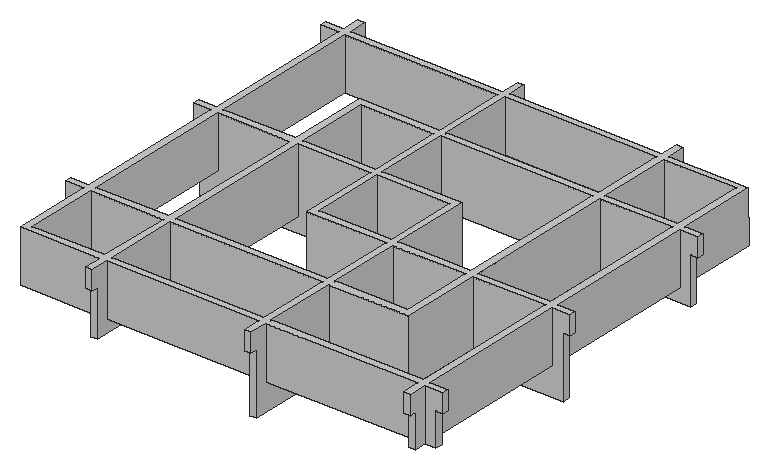
Revit family "Tartan Maze", category Generic Models, host Ceiling, Revit 2020
Family settings
  Host = Ceiling
  Can host rebar = No
  Round Connector Dimension = Use Diameter
  Part Type = Normal
  Always vertical = Yes
  Cut with Voids When Loaded = No
  Shared = No
  Room Calculation Point = No
Parameters (values of type "Light Gray")
  L = 23.75"
  H4 = 1.00"
  H3 = 2.80"
  H2 = 3.50"
  H1 = 4.30"
  Default Elevation = 0.00"
  Color = Light Gray
Types (10): name | Color
  Warm Gray | Warm Gray
  Light Gray | Light Gray
  Medium Gray | Medium Gray
  Dark Gray | Dark Gray
  Red | Red
  Blue | Blue
  Black | Black
  White | White
  Light Green | Light Green
  Dark Green | Dark Green
Reference planes (in)
  plane 1 "Center (Front/Back)": y = 0
  plane 2: z = 0
  plane 3 "Center (Left/Right)": x = 0
  plane 4 "Ceiling": z = 157.48031
  plane 5: y = 11.875
  plane 6: x = -11.875
  plane 7: x = 11.875
  plane 8: y = -11.875
  plane 9: z = 153.18031
  plane 10: z = 153.98031
  plane 11: z = 154.68031
  plane 12: z = 156.48031
Forms (in)
  Extrusion 1, void
    sketch origin (5.67107, -14.64561, 157.48031) x (0, 1, 0) y (-1, 0, 0)
      loop
        line (26.52061, 17.54607) -> (2.77061, 17.54607) -> (2.77061, -6.20393) -> (26.52061, -6.20393) -> (26.52061, 17.54607)
    from 0 to 10
  Extrusion 2, solid, material "Light Gray" <- "Color"
    sketch origin (0, 0, 157.48031) x (0, 1, 0) y (-1, 0, 0)
      loop
        line (10.90551, 11.875) -> (10.55118, 11.875) -> (10.55118, -10.55118) -> (-11.875, -10.55118) -> (-11.875, -10.90551) -> (10.90551, -10.90551) -> (10.90551, 11.875)
    from -2.8 to 0
  Extrusion 3, solid, material "Light Gray" <- "Color"
    sketch origin (0, 0, 157.48031) x (0, 1, 0) y (-1, 0, 0)
      loop
        line (-11.875, 6.61417) -> (-11.875, 6.25984) -> (6.25984, 6.25984) -> (6.25984, -11.875) -> (6.61417, -11.875) -> (6.61417, 6.61417) -> (-11.875, 6.61417)
    from -3.5 to 0
  Extrusion 4, solid, material "Light Gray" <- "Color"
    sketch origin (0, 0, 157.48031) x (0, 1, 0) y (-1, 0, 0)
      loop
        line (2.32283, 11.875) -> (1.9685, 11.875) -> (1.9685, -1.9685) -> (-11.875, -1.9685) -> (-11.875, -2.32283) -> (2.32283, -2.32283) -> (2.32283, 11.875)
    from -4.3 to 0
  Extrusion 5, solid, material "Light Gray" <- "Color"
    sketch origin (0, 0, 157.48031) x (-1, 0, 0) y (0, -1, 0)
      loop
        line (10.90551, -11.875) -> (10.90551, 10.90551) -> (-11.875, 10.90551) -> (-11.875, 10.55118) -> (10.55118, 10.55118) -> (10.55118, -11.875) -> (10.90551, -11.875)
    from -2.8 to 0
  Extrusion 6, solid, material "Light Gray" <- "Color"
    sketch origin (0, 0, 157.48031) x (-1, 0, 0) y (0, -1, 0)
      loop
        line (2.32283, -11.875) -> (2.32283, 2.32283) -> (-11.875, 2.32283) -> (-11.875, 1.9685) -> (1.9685, 1.9685) -> (1.9685, -11.875) -> (2.32283, -11.875)
    from -4.3 to 0
  Extrusion 7, solid, material "Light Gray" <- "Color"
    sketch origin (0, 0, 157.48031) x (1, 0, 0) y (0, 1, 0)
      loop
        line (-11.875, -6.61417) -> (6.61417, -6.61417) -> (6.61417, 11.875) -> (6.25984, 11.875) -> (6.25984, -6.25984) -> (-11.875, -6.25984) -> (-11.875, -6.61417)
    from -3.5 to 0
  Extrusion 8, void
    sketch origin (0, 0, 157.48031) x (0, 1, 0) y (-1, 0, 0)
      loop
        line (-11.875, -11.875) -> (11.875, -11.875) -> (11.875, 11.875) -> (-11.875, 11.875) -> (-11.875, -11.875)
      loop
        line (-11.52067, 11.52067) -> (-11.52067, -11.52067) -> (11.52067, -11.52067) -> (11.52067, 11.52067) -> (-11.52067, 11.52067)
    from -4.3 to -1
Cuts and joins
  Extrusion 8 cuts Extrusion 2
  Extrusion 8 cuts Extrusion 3
  Extrusion 8 cuts Extrusion 4
  Extrusion 8 cuts Extrusion 5
  Extrusion 8 cuts Extrusion 6
  Extrusion 8 cuts Extrusion 7
  joined: Extrusion 2, Extrusion 3, Extrusion 4, Extrusion 5, Extrusion 6, Extrusion 7
Dimensions and locks (in)
  equal spacing: host sketch curve, plane 3 "Center (Left/Right)", host sketch curve
  equal spacing: host sketch curve, plane 1 "Center (Front/Back)", host sketch curve
  host sketch curve to host sketch curve = 157.48031"  (x2)
  equal spacing: plane 8, plane 1 "Center (Front/Back)", plane 5
  "L": plane 8 to plane 5
  equal spacing: plane 6, plane 3 "Center (Left/Right)", plane 7
  "L": plane 6 to plane 7
  "H4": plane 12 to plane 4 "Ceiling"
  "H3": plane 11 to plane 4 "Ceiling"
  "H2": plane 10 to plane 4 "Ceiling"
  "H1": plane 9 to plane 4 "Ceiling"
  aligned and locked: Extrusion 1 sketch curve to plane 6
  aligned and locked: Extrusion 1 sketch curve to plane 8
  aligned and locked: Extrusion 1 sketch curve to plane 7
  aligned and locked: Extrusion 1 sketch curve to plane 5
  aligned and locked: plane 6 to Extrusion 2
  aligned and locked: plane 8 to Extrusion 2
  aligned and locked: plane 7 to Extrusion 3
  aligned and locked: plane 8 to Extrusion 3
  aligned and locked: plane 6 to Extrusion 4
  aligned and locked: plane 8 to Extrusion 4
  aligned and locked: Extrusion 3 to plane 10
  aligned and locked: Extrusion 7 to plane 10
  aligned and locked: Extrusion 2 to plane 11
  aligned and locked: Extrusion 5 to plane 11
  aligned and locked: Extrusion 8 sketch curve to plane 6
  aligned and locked: Extrusion 8 sketch curve to plane 8
  aligned and locked: Extrusion 8 sketch curve to plane 7
  aligned and locked: Extrusion 8 sketch curve to plane 5
  aligned and locked: Extrusion 8 to plane 12
  aligned and locked: cut or joined group of Extrusion 2, Extrusion 3, Extrusion 4, Extrusion 5, Extrusion 6, Extrusion 7, Extrusion 8 to plane 4 "Ceiling"  (x6)
  aligned and locked: cut or joined group of Extrusion 2, Extrusion 3, Extrusion 4, Extrusion 5, Extrusion 6, Extrusion 7, Extrusion 8 to plane 9  (x2)
  aligned and locked: Extrusion 8 to Extrusion 4
Automatic sketch dimensions
  plane 8 to Extrusion 2 sketch curve = 0.00"
  Extrusion 2 sketch curve to plane 6 = 0.00"
  Extrusion 2 sketch curve to plane 5 = 1.32382"
  Extrusion 2 sketch curve to Extrusion 2 sketch curve = 0.35433"  (x2)
  Extrusion 2 sketch curve to plane 7 = 1.32382"
  plane 8 to Extrusion 3 sketch curve = 0.00"
  Extrusion 3 sketch curve to plane 7 = 0.00"
  Extrusion 3 sketch curve to plane 5 = 5.61516"
  Extrusion 3 sketch curve to Extrusion 3 sketch curve = 0.35433"  (x2)
  Extrusion 3 sketch curve to plane 6 = 5.61516"
  Extrusion 5 sketch curve to plane 7 = 0.00"
  Extrusion 5 sketch curve to plane 5 = 0.00"
  plane 6 to Extrusion 5 sketch curve = 1.32382"
  Extrusion 5 sketch curve to Extrusion 5 sketch curve = 0.35433"  (x2)
  plane 8 to Extrusion 5 sketch curve = 1.32382"
  Extrusion 7 sketch curve to plane 6 = 0.00"
  Extrusion 7 sketch curve to plane 5 = 0.00"
  plane 7 to Extrusion 7 sketch curve = 5.61516"
  Extrusion 7 sketch curve to Extrusion 7 sketch curve = 0.35433"  (x2)
  plane 8 to Extrusion 7 sketch curve = 5.61516"
  Extrusion 8 sketch curve to plane 8 = 0.35433"
  Extrusion 8 sketch curve to plane 5 = 0.35433"
  Extrusion 8 sketch curve to plane 7 = 0.35433"
  Extrusion 8 sketch curve to plane 6 = 0.35433"
  plane 8 to Extrusion 4 sketch curve = 0.00"
  Extrusion 4 sketch curve to plane 6 = 0.00"
  Extrusion 4 sketch curve to plane 1 "Center (Front/Back)" = 1.9685"
  Extrusion 4 sketch curve to Extrusion 4 sketch curve = 0.35433"  (x2)
  plane 3 "Center (Left/Right)" to Extrusion 4 sketch curve = 1.9685"
  Extrusion 6 sketch curve to plane 7 = 0.00"
  Extrusion 6 sketch curve to plane 5 = 0.00"
  plane 3 "Center (Left/Right)" to Extrusion 6 sketch curve = 1.9685"
  Extrusion 6 sketch curve to Extrusion 6 sketch curve = 0.35433"  (x2)
  Extrusion 6 sketch curve to plane 1 "Center (Front/Back)" = 1.9685"
